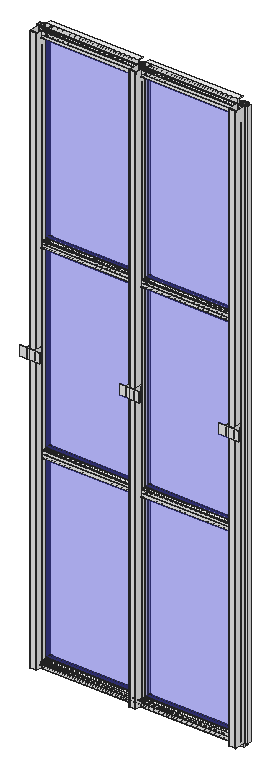
Revit family "Facade_60_Curtain_Wall_I23_Standard", category Windows, host Wall, Revit 2014 (continued)
Definition of nested family "F60_Single_Glazing_I23_Std"
  Dimensions and locks
    "Glazing Width": plane 3 "Center (Left/Right)" to Extrusion 1 sketch curve
    "Glazing Height": Extrusion 1 sketch curve to level
    aligned and locked: level to plane 2
    aligned and locked: Extrusion 1 sketch curve to plane 3 "Center (Left/Right)"
    aligned and locked: level to Extrusion 1 sketch curve
Definition of nested family "F60_Double_Glazing_I23_Std"
  Parameters (values of type "F60_Double_Glazing")
    Glazing Width [instance] = 600 mm
    Glazing Height [instance] = 600 mm
    Glazing Thickness DG [instance] = 4 mm
    Glazing Material [instance] = Glass
    Double Glazing Gasket Thickness [instance] = 12 mm
    Double Glazing Gasket Material [instance] = none
  Reference planes
    plane 1 "Center (Front/Back)": y = 0
    plane 2: z = 0
    plane 3 "Center (Left/Right)": x = 0
  Forms (mm)
    Extrusion 1, solid, material "Glass" <- "Glazing Material"
      sketch origin (0, 0, 0) x (1, 0, 0) y (0, 0, 1)
        loop
          line (0, 0) -> (0, 600) -> (-600, 600) -> (-600, 0) -> (0, 0)
      from 0 to 4 <- "Glazing Thickness DG"
    Extrusion 2, solid, material <- "Double Glazing Gasket Material"
      sketch origin (0, -4, 0) x (1, 0, 0) y (0, 0, 1)
        loop
          line (-600, 600) -> (-600, 0) -> (0, 0) -> (0, 600) -> (-600, 600)
        loop
          line (-592, 8) -> (-8, 8) -> (-8, 592) -> (-592, 592) -> (-592, 8)
      from 0 to 12 <- "Double Glazing Gasket Thickness"
    Extrusion 3, solid, material "Glass" <- "Glazing Material"
      sketch origin (0, -16, 0) x (1, 0, 0) y (0, 0, 1)
        loop
          line (-600, 600) -> (-600, 0) -> (0, 0) -> (0, 600) -> (-600, 600)
      from 0 to 4 <- "Glazing Thickness DG"
  Dimensions and locks
    "Glazing Width": plane 3 "Center (Left/Right)" to Extrusion 1 sketch curve
    "Glazing Height": Extrusion 1 sketch curve to level
    aligned and locked: level to plane 2
    aligned and locked: Extrusion 1 sketch curve to plane 3 "Center (Left/Right)"
    aligned and locked: level to Extrusion 1 sketch curve
    aligned and locked: Extrusion 2 sketch curve to Extrusion 1  (x4)
    aligned and locked: Extrusion 3 sketch curve to Extrusion 2  (x4)
  Automatic sketch dimensions
    Extrusion 2 sketch curve to Extrusion 1 = 8 mm  (x4)
Definition of nested family "F60 Vertical Profile Middle_I23_Std"
  Parameters (values of type "F60 Vertical Profile Middle")
    Quarter SG Expansion Break [instance] = if(and(Quarter Expansion Break, Single Glazing), 1 = 1, 1 = 0)  # yes
    Quarter Length [instance] = Length / 4  # 62.5 mm
    Thermal Break Material [instance] = none
    Single Glazing [instance] = yes
    Quarter Expansion Break [instance] = yes
    Quarter DG Expansion Break [instance] = if(and(Quarter Expansion Break, Double Glazing), 1 = 1, 1 = 0)  # yes
    Quarter 190mm Expansion Break [instance] = if(and(Quarter Expansion Break, [190mm Mullion]), 1 = 1, 1 = 0)  # yes
    Quarter 160mm Expansion Break [instance] = if(and(Quarter Expansion Break, [160mm Mullion]), 1 = 1, 1 = 0)  # yes
    Quarter 100mm Expansion Break [instance] = if(and(Quarter Expansion Break, [100mm Mullion]), 1 = 1, 1 = 0)  # yes
    Profile Material [instance] = none
    Length [instance] = 250 mm
    Half SG Expansion Break [instance] = if(and(Half Expansion Break, Single Glazing), 1 = 1, 1 = 0)  # yes
    Half Length [instance] = Length / 2  # 125 mm
    Half Expansion Break [instance] = yes
    Half DG Expansion Break [instance] = if(and(Half Expansion Break, Double Glazing), 1 = 1, 1 = 0)  # yes
    Half 190mm Expansion Joint [instance] = if(and(Half Expansion Break, [190mm Mullion]), 1 = 1, 1 = 0)  # yes
    Half 160mm Expansion Break [instance] = if(and(Half Expansion Break, [160mm Mullion]), 1 = 1, 1 = 0)  # yes
    Half 100mm Expansion Break [instance] = if(and(Half Expansion Break, [100mm Mullion]), 1 = 1, 1 = 0)  # yes
    Double Glazing [instance] = yes
    190mm Mullion [instance] = yes
    160mm Mullion [instance] = yes
    100mm Mullion [instance] = yes
  Reference planes
    plane 1 "Center (Front/Back)": y = 0
    plane 2: z = 0
    plane 3 "Center (Left/Right)": x = 0
  Forms (mm)
    Extrusion 1, solid, material <- "Profile Material"
      sketch origin (0, 0, 0) x (1, 0, 0) y (0, 1, 0)
        loop
          arc (25.249, -8.7) -> (25.484, -9.266) -> (26.049, -9.5) r 0.8
          line (26.049, -9.5) -> (27.1, -9.5) -> (27.1, 7) -> (32.902, 7) -> (32.902, -9.5) -> (33.951, -9.5)
          arc (33.951, -9.5) -> (34.516, -9.266) -> (34.751, -8.7) r 0.8
          line (34.751, -8.7) -> (34.751, 6.2)
          arc (34.751, 6.2) -> (34.985, 6.766) -> (35.551, 7) r 0.8
          line (35.551, 7) -> (52.1, 7) -> (52.1, 5.4) -> (50.55, 5.4) -> (50.55, 4.55)
          arc (50.55, 4.55) -> (50.726, 4.126) -> (51.15, 3.95) r 0.6
          line (51.15, 3.95) -> (52.1, 3.95) -> (52.1, 1)
          arc (52.1, 1) -> (51.6, 0.5) -> (52.1, 0) r 0.5
          line (52.1, 0) -> (54.45, 0) -> (54.45, 1.15) -> (53.3, 1.15) -> (53.3, 2.45) -> (58.8, 2.45) -> (58.8, 1.15) -> (57.65, 1.15) -> (57.65, 0) -> (59.5, 0)
          arc (59.5, 0) -> (59.854, 0.146) -> (60, 0.5) r 0.5
          line (60, 0.5) -> (60, 3.9) -> (53.55, 3.9) -> (53.55, 7.6)
          arc (53.55, 7.6) -> (53.316, 8.166) -> (52.75, 8.4) r 0.8
          line (52.75, 8.4) -> (30, 8.4) -> (7.25, 8.4)
          arc (7.25, 8.4) -> (6.684, 8.166) -> (6.45, 7.6) r 0.8
          line (6.45, 7.6) -> (6.45, 3.9) -> (0, 3.9) -> (0, 0.5)
          arc (0, 0.5) -> (0.146, 0.146) -> (0.5, 0) r 0.5
          line (0.5, 0) -> (2.35, 0) -> (2.35, 1.15) -> (1.2, 1.15) -> (1.2, 2.45) -> (6.7, 2.45) -> (6.7, 1.15) -> (5.55, 1.15) -> (5.55, 0) -> (7.9, 0)
          arc (7.9, 0) -> (8.4, 0.5) -> (7.9, 1) r 0.5
          line (7.9, 1) -> (7.9, 3.95) -> (8.85, 3.95)
          arc (8.85, 3.95) -> (9.274, 4.126) -> (9.45, 4.55) r 0.6
          line (9.45, 4.55) -> (9.45, 5.4) -> (7.9, 5.4) -> (7.9, 7) -> (24.449, 7)
          arc (24.449, 7) -> (25.015, 6.766) -> (25.249, 6.2) r 0.8
          line (25.249, 6.2) -> (25.249, -8.7)
      from 0 to 250 <- "Length"
    Extrusion 2, solid, material <- "Thermal Break Material"
      sketch origin (0, 0, 0) x (1, 0, 0) y (0, 1, 0)
        loop
          line (1.75, 9.8) -> (1.75, 5.2) -> (0, 5.2) -> (0, 3.9) -> (6.35, 3.9) -> (6.35, 7.856)
          arc (6.35, 7.856) -> (6.526, 8.281) -> (6.95, 8.456) r 0.6
          line (6.95, 8.456) -> (30, 8.456) -> (53.05, 8.456)
          arc (53.05, 8.456) -> (53.474, 8.281) -> (53.65, 7.856) r 0.6
          line (53.65, 7.856) -> (53.65, 3.9) -> (60, 3.9) -> (60, 5.2) -> (58.25, 5.2) -> (58.25, 9.8) -> (30, 9.8) -> (1.75, 9.8)
      from 0 to 250 <- "Length"
    Extrusion 3, solid, material <- "Thermal Break Material", visible <- "Single Glazing"
      sketch origin (0, 0, 0) x (1, 0, 0) y (0, 1, 0)
        loop
          line (25.749, -14.011) -> (27.672, -14.011) -> (28.481, -12.611) -> (31.518, -12.611) -> (32.327, -14.011) -> (34.249, -14.011)
          arc (34.249, -14.011) -> (34.603, -13.864) -> (34.749, -13.511) r 0.5
          line (34.749, -13.511) -> (34.749, -10.011)
          arc (34.749, -10.011) -> (34.603, -9.657) -> (34.249, -9.511) r 0.5
          line (34.249, -9.511) -> (32.352, -9.511) -> (32.352, 0.19) -> (31.349, 2.261)
          arc (31.349, 2.261) -> (29.999, 2.986) -> (28.649, 2.261) r 1.62
          line (28.649, 2.261) -> (27.647, 0.19) -> (27.647, -9.511) -> (25.749, -9.511)
          arc (25.749, -9.511) -> (25.396, -9.657) -> (25.249, -10.011) r 0.5
          line (25.249, -10.011) -> (25.249, -13.511)
          arc (25.249, -13.511) -> (25.396, -13.864) -> (25.749, -14.011) r 0.5
        loop
          line (28.504, -10.005) -> (28.504, -10.861)
          arc (28.504, -10.861) -> (28.651, -11.214) -> (29.004, -11.361) r 0.5
          line (29.004, -11.361) -> (30.994, -11.361)
          arc (30.994, -11.361) -> (31.348, -11.214) -> (31.494, -10.861) r 0.5
          line (31.494, -10.861) -> (31.494, -10.005) -> (30.708, -9.219)
          arc (30.708, -9.219) -> (30.383, -9.001) -> (29.999, -8.924) r 1.007
          arc (29.999, -8.924) -> (29.616, -8.999) -> (29.292, -9.217) r 0.986
          line (29.292, -9.217) -> (28.504, -10.005)
        loop
          arc (30.896, 1.935) -> (29.887, 2.44) -> (29.005, 1.735) r 1.047
          line (29.005, 1.735) -> (28.347, 0.374) -> (28.347, -6.993)
          arc (28.347, -6.993) -> (28.583, -7.417) -> (29.068, -7.441) r 0.5
          arc (29.068, -7.441) -> (29.999, -7.223) -> (30.93, -7.441) r 2.099
          arc (30.93, -7.441) -> (31.416, -7.417) -> (31.652, -6.993) r 0.5
          line (31.652, -6.993) -> (31.652, 0.374) -> (30.896, 1.935)
      from 0 to 250 <- "Length"
    Extrusion 4, solid, material <- "Profile Material", visible <- "Single Glazing"
      sketch origin (0, 0, 0) x (1, 0, 0) y (0, 1, 0)
        loop
          line (52.693, -14.011) -> (32.327, -14.011) -> (31.519, -12.611) -> (28.481, -12.611) -> (27.673, -14.011) -> (7.307, -14.011) -> (7.307, -15.011) -> (8.457, -15.011) -> (8.457, -16.261) -> (2.957, -16.261) -> (2.957, -15.011) -> (4.107, -15.011) -> (4.107, -14.011) -> (1.707, -14.011)
          arc (1.707, -14.011) -> (1.199, -14.293) -> (1.168, -14.873) r 0.6
          line (1.168, -14.873) -> (2.093, -16.772) -> (1.015, -17.298) -> (1.484, -18.261) -> (11.488, -18.261)
          arc (11.488, -18.261) -> (11.913, -18.085) -> (12.088, -17.661) r 0.6
          line (12.088, -17.661) -> (12.088, -16.811) -> (47.912, -16.811) -> (47.912, -17.661)
          arc (47.912, -17.661) -> (48.088, -18.085) -> (48.512, -18.261) r 0.6
          line (48.512, -18.261) -> (58.518, -18.261) -> (58.987, -17.298) -> (57.908, -16.772) -> (58.834, -14.874)
          arc (58.834, -14.874) -> (58.802, -14.293) -> (58.293, -14.011) r 0.6
          line (58.293, -14.011) -> (55.893, -14.011) -> (55.893, -15.011) -> (57.043, -15.011) -> (57.043, -16.261) -> (51.543, -16.261) -> (51.543, -15.011) -> (52.693, -15.011) -> (52.693, -14.011)
      from 0 to 250 <- "Length"
    Extrusion 5, solid, material <- "Profile Material", visible <- "Single Glazing"
      sketch origin (0, 0, 0) x (1, 0, 0) y (0, 1, 0)
        loop
          line (2.801, -18.261) -> (1.484, -18.261) -> (1.015, -17.298) -> (2.093, -16.772) -> (0.779, -14.076)
          arc (0.779, -14.076) -> (0.239, -14.21) -> (0.001, -14.713) r 0.65
          line (0.001, -14.713) -> (0.001, -28.068)
          arc (0.001, -28.068) -> (1.172, -30.897) -> (4.001, -32.068) r 4
          line (4.001, -32.068) -> (30.001, -32.068) -> (56.001, -32.068)
          arc (56.001, -32.068) -> (58.829, -30.897) -> (60.001, -28.068) r 4
          line (60.001, -28.068) -> (60.001, -14.713)
          arc (60.001, -14.713) -> (59.763, -14.21) -> (59.223, -14.076) r 0.65
          line (59.223, -14.076) -> (57.908, -16.772) -> (58.987, -17.298) -> (58.518, -18.261) -> (57.201, -18.261)
          arc (57.201, -18.261) -> (56.83, -18.425) -> (56.703, -18.811) r 0.5
          arc (56.703, -18.811) -> (56.83, -19.196) -> (57.201, -19.361) r 0.5
          line (57.201, -19.361) -> (58.951, -19.361) -> (58.951, -27.968)
          arc (58.951, -27.968) -> (58.131, -29.948) -> (56.151, -30.768) r 2.8
          line (56.151, -30.768) -> (30.001, -30.768) -> (3.851, -30.768)
          arc (3.851, -30.768) -> (1.871, -29.948) -> (1.051, -27.968) r 2.8
          line (1.051, -27.968) -> (1.051, -19.361) -> (2.801, -19.361)
          arc (2.801, -19.361) -> (3.172, -19.196) -> (3.298, -18.811) r 0.5
          arc (3.298, -18.811) -> (3.172, -18.425) -> (2.801, -18.261) r 0.5
      from 0 to 250 <- "Length"
    Extrusion 6, solid, material <- "Profile Material", visible <- "100mm Mullion"
      sketch origin (0, 0, 0) x (1, 0, 0) y (0, 1, 0)
        loop
          line (14.02, 13) -> (45.98, 13)
          arc (45.98, 13) -> (46.539, 12.842) -> (46.917, 12.4) r 1
          arc (46.917, 12.4) -> (47.285, 11.963) -> (47.833, 11.8) r 1
          line (47.833, 11.8) -> (58.15, 11.8) -> (58.15, 96.3) -> (47.833, 96.3)
          arc (47.833, 96.3) -> (47.285, 96.137) -> (46.917, 95.7) r 1
          arc (46.917, 95.7) -> (46.548, 95.263) -> (46, 95.1) r 1
          line (46, 95.1) -> (14, 95.1)
          arc (14, 95.1) -> (13.452, 95.263) -> (13.083, 95.7) r 1
          arc (13.083, 95.7) -> (12.715, 96.137) -> (12.167, 96.3) r 1
          line (12.167, 96.3) -> (1.85, 96.3) -> (1.85, 11.8) -> (12.167, 11.8)
          arc (12.167, 11.8) -> (12.715, 11.963) -> (13.083, 12.4) r 1
          arc (13.083, 12.4) -> (13.461, 12.842) -> (14.02, 13) r 1
        loop
          line (1.65, 9.856) -> (58.35, 9.856) -> (58.35, 5.2) -> (60, 5.2) -> (60, 98.8)
          arc (60, 98.8) -> (59.707, 99.507) -> (59, 99.8) r 1
          line (59, 99.8) -> (1, 99.8)
          arc (1, 99.8) -> (0.293, 99.507) -> (0, 98.8) r 1
          line (0, 98.8) -> (0, 5.2) -> (1.65, 5.2) -> (1.65, 9.856)
      from 0 to 250 <- "Length"
    Extrusion 7, solid, material <- "Profile Material", visible <- "160mm Mullion"
      sketch origin (0, 0, 0) x (1, 0, 0) y (0, 1, 0)
        loop
          arc (2.35, 15.6) -> (2.526, 15.176) -> (2.95, 15) r 0.6
          line (2.95, 15) -> (57.05, 15)
          arc (57.05, 15) -> (57.474, 15.176) -> (57.65, 15.6) r 0.6
          line (57.65, 15.6) -> (57.65, 153.7)
          arc (57.65, 153.7) -> (57.474, 154.124) -> (57.05, 154.3) r 0.6
          line (57.05, 154.3) -> (47.833, 154.3)
          arc (47.833, 154.3) -> (47.285, 154.137) -> (46.917, 153.7) r 1
          arc (46.917, 153.7) -> (46.548, 153.263) -> (46, 153.1) r 1
          line (46, 153.1) -> (14, 153.1)
          arc (14, 153.1) -> (13.452, 153.263) -> (13.083, 153.7) r 1
          arc (13.083, 153.7) -> (12.715, 154.137) -> (12.167, 154.3) r 1
          line (12.167, 154.3) -> (2.95, 154.3)
          arc (2.95, 154.3) -> (2.526, 154.124) -> (2.35, 153.7) r 0.6
          line (2.35, 153.7) -> (2.35, 15.6)
        loop
          arc (1, 159.8) -> (0.293, 159.507) -> (0, 158.8) r 1
          line (0, 158.8) -> (0, 5.2) -> (1.65, 5.2) -> (1.65, 10.013) -> (58.35, 10.013) -> (58.35, 5.2) -> (60, 5.2) -> (60, 158.8)
          arc (60, 158.8) -> (59.707, 159.507) -> (59, 159.8) r 1
          line (59, 159.8) -> (1, 159.8)
      from 0 to 250 <- "Length"
    Extrusion 8, solid, material <- "Profile Material", visible <- "190mm Mullion"
      sketch origin (0, 0, 0) x (1, 0, 0) y (0, 1, 0)
        loop
          line (57.25, 15.1) -> (57.25, 178.3)
          arc (57.25, 178.3) -> (56.957, 179.007) -> (56.25, 179.3) r 1
          line (56.25, 179.3) -> (3.75, 179.3)
          arc (3.75, 179.3) -> (3.043, 179.007) -> (2.75, 178.3) r 1
          line (2.75, 178.3) -> (2.75, 15.1)
          arc (2.75, 15.1) -> (2.984, 14.534) -> (3.55, 14.3) r 0.8
          line (3.55, 14.3) -> (56.45, 14.3)
          arc (56.45, 14.3) -> (57.016, 14.534) -> (57.25, 15.1) r 0.8
        loop
          line (60, 5.2) -> (60, 188.8)
          arc (60, 188.8) -> (59.707, 189.507) -> (59, 189.8) r 1
          line (59, 189.8) -> (1, 189.8)
          arc (1, 189.8) -> (0.293, 189.507) -> (0, 188.8) r 1
          line (0, 188.8) -> (0, 5.2) -> (1.65, 5.2) -> (1.65, 9.856) -> (58.35, 9.856) -> (58.35, 5.2) -> (60, 5.2)
      from 0 to 250 <- "Length"
    Extrusion 9, solid, material <- "Thermal Break Material", visible <- "Double Glazing"
      sketch origin (0, 0, 0) x (1, 0, 0) y (0, 1, 0)
        loop
          line (27.672, -28) -> (28.48, -26.6) -> (31.518, -26.6) -> (32.326, -28) -> (34.249, -28)
          arc (34.249, -28) -> (34.603, -27.854) -> (34.749, -27.5) r 0.5
          line (34.749, -27.5) -> (34.749, -10)
          arc (34.749, -10) -> (34.603, -9.646) -> (34.249, -9.5) r 0.5
          line (34.249, -9.5) -> (32.352, -9.5) -> (32.352, 0.198) -> (31.348, 2.272)
          arc (31.348, 2.272) -> (29.998, 2.997) -> (28.648, 2.272) r 1.62
          line (28.648, 2.272) -> (27.645, 0.201) -> (27.645, -9.5) -> (25.749, -9.5)
          arc (25.749, -9.5) -> (25.396, -9.646) -> (25.249, -10) r 0.5
          line (25.249, -10) -> (25.249, -27.5)
          arc (25.249, -27.5) -> (25.396, -27.854) -> (25.749, -28) r 0.5
          line (25.749, -28) -> (27.672, -28)
        loop
          arc (30.706, -9.206) -> (30.382, -8.99) -> (29.999, -8.913) r 1.007
          arc (29.999, -8.913) -> (29.616, -8.988) -> (29.292, -9.206) r 0.986
          line (29.292, -9.206) -> (27.142, -11.356)
          arc (27.142, -11.356) -> (26.926, -11.68) -> (26.849, -12.063) r 1
          line (26.849, -12.063) -> (26.849, -24)
          arc (26.849, -24) -> (27.142, -24.707) -> (27.849, -25) r 1
          line (27.849, -25) -> (32.149, -25)
          arc (32.149, -25) -> (32.856, -24.707) -> (33.149, -24) r 1
          line (33.149, -24) -> (33.149, -12.063)
          arc (33.149, -12.063) -> (33.073, -11.68) -> (32.856, -11.356) r 1
          line (32.856, -11.356) -> (30.706, -9.206)
        loop
          arc (28.345, -6.982) -> (28.581, -7.407) -> (29.067, -7.43) r 0.5
          arc (29.067, -7.43) -> (29.998, -7.213) -> (30.929, -7.43) r 2.099
          arc (30.929, -7.43) -> (31.414, -7.407) -> (31.651, -6.982) r 0.5
          line (31.651, -6.982) -> (31.651, 0.385) -> (30.895, 1.946)
          arc (30.895, 1.946) -> (29.885, 2.45) -> (29.004, 1.745) r 1.047
          line (29.004, 1.745) -> (28.345, 0.385) -> (28.345, -6.982)
      from 0 to 250 <- "Length"
    Extrusion 10, solid, material <- "Profile Material", visible <- "Double Glazing"
      sketch origin (0, 0, 0) x (1, 0, 0) y (0, 1, 0)
        loop
          line (52.692, -28) -> (32.327, -28) -> (31.518, -26.6) -> (28.48, -26.6) -> (27.672, -28) -> (7.306, -28) -> (7.306, -29) -> (8.456, -29) -> (8.456, -30.25) -> (2.956, -30.25) -> (2.956, -29) -> (4.106, -29) -> (4.106, -28) -> (1.706, -28)
          arc (1.706, -28) -> (1.198, -28.282) -> (1.167, -28.863) r 0.6
          line (1.167, -28.863) -> (2.093, -30.762) -> (1.014, -31.288) -> (1.483, -32.25) -> (11.488, -32.25)
          arc (11.488, -32.25) -> (11.912, -32.074) -> (12.088, -31.65) r 0.6
          line (12.088, -31.65) -> (12.088, -30.8) -> (47.911, -30.8) -> (47.911, -31.65)
          arc (47.911, -31.65) -> (48.087, -32.074) -> (48.511, -32.25) r 0.6
          line (48.511, -32.25) -> (58.517, -32.25) -> (58.986, -31.288) -> (57.907, -30.762) -> (58.833, -28.864)
          arc (58.833, -28.864) -> (58.801, -28.282) -> (58.292, -28) r 0.6
          line (58.292, -28) -> (55.892, -28) -> (55.892, -29) -> (57.042, -29) -> (57.042, -30.25) -> (51.542, -30.25) -> (51.542, -29) -> (52.692, -29) -> (52.692, -28)
      from 0 to 250 <- "Length"
    Extrusion 11, solid, material <- "Profile Material", visible <- "Double Glazing"
      sketch origin (0, 0, 0) x (1, 0, 0) y (0, 1, 0)
        loop
          line (2.8, -32.25) -> (1.483, -32.25) -> (1.014, -31.288) -> (2.093, -30.762) -> (0.778, -28.065)
          arc (0.778, -28.065) -> (0.238, -28.2) -> (0, -28.702) r 0.65
          line (0, -28.702) -> (0, -42.058)
          arc (0, -42.058) -> (1.172, -44.886) -> (4, -46.058) r 4
          line (4, -46.058) -> (30, -46.058) -> (56, -46.058)
          arc (56, -46.058) -> (58.828, -44.886) -> (60, -42.058) r 4
          line (60, -42.058) -> (60, -28.702)
          arc (60, -28.702) -> (59.762, -28.2) -> (59.222, -28.065) r 0.65
          line (59.222, -28.065) -> (57.907, -30.762) -> (58.986, -31.288) -> (58.517, -32.25) -> (57.2, -32.25)
          arc (57.2, -32.25) -> (56.829, -32.415) -> (56.703, -32.8) r 0.5
          arc (56.703, -32.8) -> (56.829, -33.185) -> (57.2, -33.35) r 0.5
          line (57.2, -33.35) -> (58.95, -33.35) -> (58.95, -41.958)
          arc (58.95, -41.958) -> (58.13, -43.938) -> (56.15, -44.758) r 2.8
          line (56.15, -44.758) -> (30, -44.758) -> (3.85, -44.758)
          arc (3.85, -44.758) -> (1.87, -43.938) -> (1.05, -41.958) r 2.8
          line (1.05, -41.958) -> (1.05, -33.35) -> (2.8, -33.35)
          arc (2.8, -33.35) -> (3.171, -33.185) -> (3.297, -32.8) r 0.5
          arc (3.297, -32.8) -> (3.171, -32.415) -> (2.8, -32.25) r 0.5
      from 0 to 250 <- "Length"
    Extrusion 12, solid, material <- "Profile Material", visible <- "Double Glazing"
      sketch origin (0, 0, 0) x (1, 0, 0) y (0, 1, 0)
        loop
          line (12, -7.775) -> (0, -7.775) -> (0, -25.775) -> (12, -25.775) -> (12, -7.775)
        loop
          line (10.8, -8.975) -> (1.2, -8.975) -> (1.2, -24.575) -> (10.8, -24.575) -> (10.8, -8.975)
      from 0 to 250 <- "Length"
  Lines and regions (mm)
    model lines, style "GenericModelHiddenLines", visible <- "Half 100mm Expansion Break"
      curve 1: line (60, 5.2, 125) -> (60, 95.2, 125)
      curve 2: line (60, 99.8, 125) -> (0, 99.8, 125)
      curve 8: line (0, 5.2, 125) -> (0, 95.2, 125)
    model lines, style "GenericModelHiddenLines", visible <- "Quarter 100mm Expansion Break"
      curve 3: line (60, 5.2, 187.5) -> (60, 95.2, 187.5)
      curve 4: line (60, 5.2, 62.5) -> (60, 95.2, 62.5)
      curve 5: line (60, 99.8, 62.5) -> (0, 99.8, 62.5)
      curve 6: line (60, 99.8, 187.5) -> (0, 99.8, 187.5)
      curve 7: line (0, 5.2, 187.5) -> (0, 95.2, 187.5)
      curve 9: line (0, 5.2, 62.5) -> (0, 95.2, 62.5)
    model lines, style "GenericModelHiddenLines", visible <- "Half SG Expansion Break"
      curve 10: line (4.107, -32.068, 125) -> (55.893, -32.068, 125)
      curve 14: line (60.001, -14.011, 125) -> (60.001, -32.068, 125)
    model lines, style "GenericModelHiddenLines", visible <- "Quarter SG Expansion Break"
      curve 11: line (4.107, -32.068, 187.5) -> (56.703, -32.068, 187.5)
      curve 12: line (4.107, -32.068, 62.5) -> (56.703, -32.068, 62.5)
      curve 13: line (60.001, -14.011, 187.5) -> (60.001, -32.068, 187.5)
      curve 15: line (60.001, -14.011, 62.5) -> (60.001, -32.068, 62.5)
    model lines, style "GenericModelHiddenLines", visible <- "Quarter 160mm Expansion Break"
      curve 16: line (0, 5.2, 187.5) -> (0, 155.2, 187.5)
      curve 18: line (0, 5.2, 62.5) -> (0, 155.2, 62.5)
      curve 19: line (0, 159.8, 187.5) -> (60, 159.8, 187.5)
      curve 21: line (0, 159.8, 62.5) -> (60, 159.8, 62.5)
      curve 22: line (60, 5.2, 187.5) -> (60, 155.2, 187.5)
      curve 24: line (60, 5.2, 62.5) -> (60, 155.2, 62.5)
    model lines, style "GenericModelHiddenLines", visible <- "Half 160mm Expansion Break"
      curve 17: line (0, 5.2, 125) -> (0, 155.2, 125)
      curve 20: line (0, 159.8, 125) -> (60, 159.8, 125)
      curve 23: line (60, 5.2, 125) -> (60, 155.2, 125)
    model lines, style "GenericModelHiddenLines", visible <- "Quarter 190mm Expansion Break"
      curve 25: line (0, 5.2, 187.5) -> (0, 185.2, 187.5)
      curve 27: line (0, 5.2, 62.5) -> (0, 185.2, 62.5)
      curve 28: line (0.779, 189.8, 187.5) -> (59.222, 189.8, 187.5)
      curve 30: line (0.779, 189.8, 62.5) -> (59.222, 189.8, 62.5)
      curve 31: line (60, 5.2, 187.5) -> (60, 185.2, 187.5)
      curve 33: line (60, 5.2, 62.5) -> (60, 185.2, 62.5)
    model lines, style "GenericModelHiddenLines", visible <- "Half 190mm Expansion Joint"
      curve 26: line (0, 5.2, 125) -> (0, 185.2, 125)
      curve 29: line (0.779, 189.8, 125) -> (59.222, 189.8, 125)
      curve 32: line (60, 5.2, 125) -> (60, 185.2, 125)
    model lines, style "GenericModelHiddenLines", visible <- "Quarter DG Expansion Break"
      curve 34: line (60, -28.065, 187.5) -> (60, -46.074, 187.5)
      curve 36: line (60, -28.065, 62.5) -> (60, -46.027, 62.5)
      curve 37: line (59.222, -46.058, 187.5) -> (0.779, -46.058, 187.5)
      curve 39: line (59.222, -46.058, 62.5) -> (0.779, -46.058, 62.5)
    model lines, style "GenericModelHiddenLines", visible <- "Half DG Expansion Break"
      curve 35: line (60, -28.065, 125) -> (60, -46.074, 125)
      curve 38: line (59.222, -46.058, 125) -> (0.779, -46.058, 125)
  Dimensions and locks
    "Half Length": curve 1 to level
    "Half Length": level to curve 2
    "Quarter Length": curve 4 to level
    "Quarter Length": Extrusion 8 to curve 3
    "Quarter Length": level to curve 5
    "Quarter Length": curve 6 to Extrusion 6
    "Quarter Length": curve 9 to level
    "Half Length": curve 8 to level
    "Quarter Length": Extrusion 8 to curve 7
    "Quarter Length": curve 12 to level
    "Half Length": curve 10 to level
    "Quarter Length": Extrusion 5 to curve 11
    "Quarter Length": curve 15 to level
    "Half Length": curve 14 to level
    "Quarter Length": Extrusion 5 to curve 13
    "Quarter Length": Extrusion 7 to curve 18
    "Half Length": Extrusion 7 to curve 17
    "Quarter Length": Extrusion 7 to curve 16
    "Quarter Length": Extrusion 7 to curve 21
    "Quarter Length": curve 19 to Extrusion 7
    "Half Length": Extrusion 7 to curve 20
    "Quarter Length": Extrusion 7 to curve 24
    "Quarter Length": Extrusion 7 to curve 22
    "Half Length": Extrusion 7 to curve 23
    "Quarter Length": Extrusion 8 to curve 27
    "Quarter Length": Extrusion 8 to curve 25
    "Half Length": Extrusion 8 to curve 26
    "Quarter Length": Extrusion 8 to curve 30
    "Quarter Length": curve 28 to Extrusion 8
    "Half Length": Extrusion 8 to curve 29
    "Quarter Length": Extrusion 8 to curve 33
    "Quarter Length": Extrusion 8 to curve 31
    "Half Length": Extrusion 8 to curve 32
    "Quarter Length": Extrusion 11 to curve 36
    "Quarter Length": Extrusion 11 to curve 34
    "Half Length": Extrusion 11 to curve 35
    "Quarter Length": Extrusion 11 to curve 37
    "Quarter Length": curve 39 to Extrusion 11
    "Half Length": curve 38 to Extrusion 11
    aligned and locked: level to plane 2
  Automatic sketch dimensions
    Extrusion 1 sketch curve to plane 3 "Center (Left/Right)" = 0 mm
    plane 1 "Center (Front/Back)" to Extrusion 1 sketch curve = 0 mm  (x4)
    plane 3 "Center (Left/Right)" to Extrusion 1 sketch curve = 0.5 mm
    Extrusion 1 sketch curve to Extrusion 1 sketch curve = 0.7 mm  (x2)
    Extrusion 1 sketch curve to Extrusion 1 sketch curve = 1.15 mm  (x4)
    Extrusion 1 sketch curve to Extrusion 1 sketch curve = 3.2 mm  (x2)
    Extrusion 1 sketch curve to Extrusion 1 sketch curve = 0.9 mm
    Extrusion 1 sketch curve to Extrusion 1 sketch curve = 0.25 mm
    Extrusion 1 sketch curve to Extrusion 1 sketch curve = 0.8 mm  (x7)
    Extrusion 1 sketch curve to Extrusion 1 sketch curve = 1.45 mm  (x2)
    Extrusion 1 sketch curve to Extrusion 1 sketch curve = 0.65 mm  (x3)
    Extrusion 1 sketch curve to Extrusion 1 sketch curve = 0.95 mm  (x3)
    Extrusion 1 sketch curve to Extrusion 1 sketch curve = 0.6 mm  (x3)
    Extrusion 1 sketch curve to plane 1 "Center (Front/Back)" = 7 mm
    Extrusion 1 sketch curve to Extrusion 1 sketch curve = 14.999 mm  (x2)
    plane 1 "Center (Front/Back)" to Extrusion 1 sketch curve = 8.7 mm
    Extrusion 1 sketch curve to Extrusion 1 sketch curve = 1.85 mm
    Extrusion 1 sketch curve to Extrusion 1 sketch curve = 2.9 mm
    Extrusion 1 sketch curve to Extrusion 1 sketch curve = 5.802 mm
    Extrusion 1 sketch curve to Extrusion 1 sketch curve = 1.049 mm
    Extrusion 1 sketch curve to plane 1 "Center (Front/Back)" = 4.55 mm
    Extrusion 1 sketch curve to plane 1 "Center (Front/Back)" = 0.5 mm  (x3)
    Extrusion 1 sketch curve to Extrusion 1 sketch curve = 1.2 mm
    Extrusion 1 sketch curve to plane 1 "Center (Front/Back)" = 1.15 mm  (x2)
    Extrusion 1 sketch curve to Extrusion 1 sketch curve = 0 mm
    Extrusion 1 sketch curve to Extrusion 1 sketch curve = 1.3 mm  (x2)
    Extrusion 1 sketch curve to Extrusion 1 sketch curve = 0.05 mm  (x2)
    Extrusion 1 sketch curve to Extrusion 1 sketch curve = 0.85 mm  (x2)
    Extrusion 1 sketch curve to plane 1 "Center (Front/Back)" = 6.2 mm
    Extrusion 2 sketch curve to plane 3 "Center (Left/Right)" = 0 mm
    plane 3 "Center (Left/Right)" to Extrusion 2 sketch curve = 1.75 mm
    Extrusion 2 sketch curve to Extrusion 2 sketch curve = 4.6 mm  (x4)
    Extrusion 2 sketch curve to Extrusion 2 sketch curve = 0.6 mm  (x2)
    Extrusion 2 sketch curve to plane 1 "Center (Front/Back)" = 9.8 mm
    Extrusion 2 sketch curve to Extrusion 2 sketch curve = 23.05 mm  (x2)
    Extrusion 2 sketch curve to Extrusion 2 sketch curve = 0 mm
    Extrusion 2 sketch curve to plane 1 "Center (Front/Back)" = 8.456 mm
    Extrusion 2 sketch curve to Extrusion 2 sketch curve = 1.75 mm
    Extrusion 2 sketch curve to plane 1 "Center (Front/Back)" = 3.9 mm  (x2)
    plane 3 "Center (Left/Right)" to Extrusion 3 sketch curve = 25.249 mm
    Extrusion 3 sketch curve to Extrusion 3 sketch curve = 0.5 mm  (x6)
    Extrusion 3 sketch curve to plane 1 "Center (Front/Back)" = 0.19 mm  (x2)
    Extrusion 3 sketch curve to Extrusion 3 sketch curve = 1.897 mm  (x2)
    Extrusion 3 sketch curve to Extrusion 3 sketch curve = 1.922 mm  (x2)
    Extrusion 3 sketch curve to plane 1 "Center (Front/Back)" = 0.374 mm  (x2)
    Extrusion 3 sketch curve to Extrusion 3 sketch curve = 0.7 mm  (x2)
    plane 1 "Center (Front/Back)" to Extrusion 3 sketch curve = 12.611 mm
    Extrusion 3 sketch curve to Extrusion 3 sketch curve = 0.809 mm
    Extrusion 3 sketch curve to Extrusion 3 sketch curve = 0.858 mm
    Extrusion 3 sketch curve to plane 1 "Center (Front/Back)" = 2.261 mm  (x2)
    Extrusion 3 sketch curve to Extrusion 3 sketch curve = 0.303 mm
    Extrusion 3 sketch curve to plane 1 "Center (Front/Back)" = 1.735 mm
    Extrusion 3 sketch curve to Extrusion 3 sketch curve = 0.356 mm
    plane 1 "Center (Front/Back)" to Extrusion 3 sketch curve = 9.217 mm
    Extrusion 3 sketch curve to Extrusion 3 sketch curve = 0.788 mm
    Extrusion 3 sketch curve to Extrusion 3 sketch curve = 0.701 mm
    Extrusion 3 sketch curve to Extrusion 3 sketch curve = 0.003 mm
    Extrusion 3 sketch curve to Extrusion 3 sketch curve = 0.992 mm
    Extrusion 3 sketch curve to Extrusion 3 sketch curve = 0.006 mm
    Extrusion 3 sketch curve to Extrusion 3 sketch curve = 0.002 mm
    plane 1 "Center (Front/Back)" to Extrusion 3 sketch curve = 9.219 mm
    Extrusion 3 sketch curve to Extrusion 3 sketch curve = 0.709 mm
    Extrusion 3 sketch curve to plane 1 "Center (Front/Back)" = 1.935 mm
    Extrusion 3 sketch curve to Extrusion 3 sketch curve = 0.899 mm
    Extrusion 3 sketch curve to Extrusion 3 sketch curve = 0.998 mm
    Extrusion 3 sketch curve to Extrusion 3 sketch curve = 0.444 mm
    Extrusion 3 sketch curve to Extrusion 3 sketch curve = 0.524 mm
    Extrusion 3 sketch curve to Extrusion 3 sketch curve = 0.756 mm
    Extrusion 3 sketch curve to Extrusion 3 sketch curve = 0.808 mm
    Extrusion 3 sketch curve to Extrusion 3 sketch curve = 0.9 mm  (x2)
    Extrusion 3 sketch curve to Extrusion 3 sketch curve = 1.25 mm
    Extrusion 3 sketch curve to Extrusion 3 sketch curve = 0.85 mm  (x2)
    Extrusion 3 sketch curve to Extrusion 3 sketch curve = 0.856 mm  (x2)
    Extrusion 3 sketch curve to Extrusion 3 sketch curve = 0.714 mm
    Extrusion 3 sketch curve to Extrusion 3 sketch curve = 0.02 mm
    Extrusion 3 sketch curve to Extrusion 3 sketch curve = 0.399 mm
    Extrusion 3 sketch curve to Extrusion 3 sketch curve = 2.224 mm
    Extrusion 3 sketch curve to Extrusion 3 sketch curve = 0.448 mm
    Extrusion 3 sketch curve to Extrusion 3 sketch curve = 0.032 mm
    Extrusion 3 sketch curve to Extrusion 3 sketch curve = 0 mm
    plane 3 "Center (Left/Right)" to Extrusion 4 sketch curve = 1.015 mm
    Extrusion 4 sketch curve to Extrusion 4 sketch curve = 0.469 mm
    plane 3 "Center (Left/Right)" to Extrusion 4 sketch curve = 1.707 mm
    Extrusion 4 sketch curve to Extrusion 4 sketch curve = 1.079 mm
    Extrusion 4 sketch curve to Extrusion 4 sketch curve = 0.864 mm
    Extrusion 4 sketch curve to Extrusion 4 sketch curve = 1.15 mm  (x4)
    Extrusion 4 sketch curve to Extrusion 4 sketch curve = 3.2 mm  (x2)
    Extrusion 4 sketch curve to Extrusion 4 sketch curve = 3.031 mm  (x2)
    Extrusion 4 sketch curve to Extrusion 4 sketch curve = 0.6 mm  (x3)
    Extrusion 4 sketch curve to Extrusion 4 sketch curve = 15.584 mm  (x2)
    plane 1 "Center (Front/Back)" to Extrusion 4 sketch curve = 12.611 mm
    Extrusion 4 sketch curve to Extrusion 4 sketch curve = 0.808 mm  (x2)
    Extrusion 4 sketch curve to Extrusion 4 sketch curve = 3.038 mm
    plane 1 "Center (Front/Back)" to Extrusion 4 sketch curve = 14.011 mm
    plane 1 "Center (Front/Back)" to Extrusion 4 sketch curve = 16.772 mm
    Extrusion 4 sketch curve to Extrusion 4 sketch curve = 0.865 mm
    Extrusion 4 sketch curve to Extrusion 4 sketch curve = 1.25 mm  (x4)
    plane 1 "Center (Front/Back)" to Extrusion 4 sketch curve = 18.261 mm
    Extrusion 4 sketch curve to Extrusion 4 sketch curve = 0.61 mm
    plane 1 "Center (Front/Back)" to Extrusion 4 sketch curve = 17.298 mm
    Extrusion 4 sketch curve to Extrusion 4 sketch curve = 5.65 mm
    Extrusion 4 sketch curve to Extrusion 4 sketch curve = 0.962 mm
    Extrusion 4 sketch curve to Extrusion 4 sketch curve = 0.85 mm
    Extrusion 4 sketch curve to Extrusion 4 sketch curve = 0.512 mm  (x2)
    Extrusion 4 sketch curve to Extrusion 4 sketch curve = 1 mm  (x2)
    Extrusion 4 sketch curve to Extrusion 4 sketch curve = 0.4 mm  (x2)
    Extrusion 4 sketch curve to Extrusion 4 sketch curve = 1.4 mm
    Extrusion 4 sketch curve to Extrusion 4 sketch curve = 0.539 mm  (x2)
    Extrusion 4 sketch curve to Extrusion 4 sketch curve = 0 mm
    plane 1 "Center (Front/Back)" to Extrusion 4 sketch curve = 14.874 mm
    plane 3 "Center (Left/Right)" to Extrusion 5 sketch curve = 0.001 mm
    Extrusion 5 sketch curve to Extrusion 5 sketch curve = 0.65 mm  (x2)
    Extrusion 5 sketch curve to Extrusion 5 sketch curve = 0.128 mm  (x2)
    plane 3 "Center (Left/Right)" to Extrusion 5 sketch curve = 1.015 mm
    plane 3 "Center (Left/Right)" to Extrusion 5 sketch curve = 1.051 mm
    Extrusion 5 sketch curve to Extrusion 5 sketch curve = 0.469 mm  (x2)
    Extrusion 5 sketch curve to Extrusion 5 sketch curve = 1.079 mm
    Extrusion 5 sketch curve to Extrusion 5 sketch curve = 1.317 mm  (x2)
    Extrusion 5 sketch curve to Extrusion 5 sketch curve = 0 mm  (x3)
    plane 3 "Center (Left/Right)" to Extrusion 5 sketch curve = 3.851 mm
    Extrusion 5 sketch curve to Extrusion 5 sketch curve = 0.15 mm  (x2)
    Extrusion 5 sketch curve to Extrusion 5 sketch curve = 26 mm  (x2)
    Extrusion 5 sketch curve to Extrusion 5 sketch curve = 1.05 mm
    plane 1 "Center (Front/Back)" to Extrusion 5 sketch curve = 16.772 mm
    Extrusion 5 sketch curve to Extrusion 5 sketch curve = 0.707 mm
    Extrusion 5 sketch curve to Extrusion 5 sketch curve = 0.433 mm
    plane 1 "Center (Front/Back)" to Extrusion 5 sketch curve = 17.298 mm
    plane 1 "Center (Front/Back)" to Extrusion 5 sketch curve = 14.076 mm
    Extrusion 5 sketch curve to Extrusion 5 sketch curve = 0.5 mm  (x2)
    plane 1 "Center (Front/Back)" to Extrusion 5 sketch curve = 18.761 mm
    Extrusion 5 sketch curve to Extrusion 5 sketch curve = 0.1 mm  (x3)
    Extrusion 5 sketch curve to Extrusion 5 sketch curve = 1.1 mm  (x2)
    Extrusion 5 sketch curve to Extrusion 5 sketch curve = 8.608 mm
    Extrusion 5 sketch curve to Extrusion 5 sketch curve = 0.962 mm
    Extrusion 6 sketch curve to plane 3 "Center (Left/Right)" = 0 mm
    plane 3 "Center (Left/Right)" to Extrusion 6 sketch curve = 1 mm
    plane 3 "Center (Left/Right)" to Extrusion 6 sketch curve = 1.65 mm
    plane 3 "Center (Left/Right)" to Extrusion 6 sketch curve = 1.85 mm
    Extrusion 6 sketch curve to Extrusion 6 sketch curve = 10.317 mm  (x3)
    Extrusion 6 sketch curve to Extrusion 6 sketch curve = 1.833 mm  (x4)
    Extrusion 6 sketch curve to Extrusion 6 sketch curve = 0.02 mm  (x2)
    Extrusion 6 sketch curve to plane 1 "Center (Front/Back)" = 13 mm
    Extrusion 6 sketch curve to Extrusion 6 sketch curve = 31.961 mm
    Extrusion 6 sketch curve to Extrusion 6 sketch curve = 32 mm
    Extrusion 6 sketch curve to Extrusion 6 sketch curve = 0.2 mm  (x5)
    Extrusion 6 sketch curve to Extrusion 6 sketch curve = 0.85 mm
    Extrusion 6 sketch curve to Extrusion 6 sketch curve = 1.65 mm
    Extrusion 6 sketch curve to Extrusion 6 sketch curve = 1 mm  (x8)
    Extrusion 6 sketch curve to Extrusion 6 sketch curve = 1.944 mm
    Extrusion 6 sketch curve to Extrusion 6 sketch curve = 4.656 mm  (x2)
    Extrusion 6 sketch curve to Extrusion 6 sketch curve = 82.1 mm
    Extrusion 6 sketch curve to Extrusion 6 sketch curve = 2.5 mm
    Extrusion 7 sketch curve to plane 3 "Center (Left/Right)" = 0 mm
    Extrusion 7 sketch curve to Extrusion 7 sketch curve = 1 mm  (x3)
    plane 3 "Center (Left/Right)" to Extrusion 7 sketch curve = 1.65 mm
    plane 3 "Center (Left/Right)" to Extrusion 7 sketch curve = 2.35 mm
    Extrusion 7 sketch curve to Extrusion 7 sketch curve = 0.6 mm  (x3)
    Extrusion 7 sketch curve to Extrusion 7 sketch curve = 9.217 mm  (x2)
    Extrusion 7 sketch curve to Extrusion 7 sketch curve = 1.833 mm  (x2)
    Extrusion 7 sketch curve to Extrusion 7 sketch curve = 32 mm
    Extrusion 7 sketch curve to plane 1 "Center (Front/Back)" = 15 mm
    Extrusion 7 sketch curve to Extrusion 7 sketch curve = 54.1 mm
    Extrusion 7 sketch curve to Extrusion 7 sketch curve = 1.3 mm
    Extrusion 7 sketch curve to Extrusion 7 sketch curve = 1.95 mm
    Extrusion 7 sketch curve to Extrusion 7 sketch curve = 1.65 mm
    Extrusion 7 sketch curve to Extrusion 7 sketch curve = 4.987 mm
    Extrusion 7 sketch curve to Extrusion 7 sketch curve = 4.813 mm
    Extrusion 7 sketch curve to Extrusion 7 sketch curve = 4.812 mm
    Extrusion 7 sketch curve to Extrusion 7 sketch curve = 137.5 mm
    Extrusion 7 sketch curve to Extrusion 7 sketch curve = 0.2 mm  (x2)
    Extrusion 7 sketch curve to Extrusion 7 sketch curve = 0.4 mm  (x2)
    Extrusion 7 sketch curve to Extrusion 7 sketch curve = 4.5 mm
    Extrusion 8 sketch curve to plane 3 "Center (Left/Right)" = 0 mm
    Extrusion 8 sketch curve to Extrusion 8 sketch curve = 1 mm  (x3)
    plane 3 "Center (Left/Right)" to Extrusion 8 sketch curve = 1.65 mm
    plane 3 "Center (Left/Right)" to Extrusion 8 sketch curve = 2.75 mm
    Extrusion 8 sketch curve to Extrusion 8 sketch curve = 0.8 mm  (x2)
    Extrusion 8 sketch curve to Extrusion 8 sketch curve = 52.5 mm
    Extrusion 8 sketch curve to plane 1 "Center (Front/Back)" = 15.1 mm
    Extrusion 8 sketch curve to Extrusion 8 sketch curve = 52.9 mm
    Extrusion 8 sketch curve to Extrusion 8 sketch curve = 1.9 mm
    Extrusion 8 sketch curve to Extrusion 8 sketch curve = 2.75 mm
    Extrusion 8 sketch curve to Extrusion 8 sketch curve = 4.444 mm
    Extrusion 8 sketch curve to Extrusion 8 sketch curve = 4.656 mm  (x2)
    Extrusion 8 sketch curve to Extrusion 8 sketch curve = 163.2 mm
    Extrusion 8 sketch curve to Extrusion 8 sketch curve = 9.5 mm
    plane 3 "Center (Left/Right)" to Extrusion 9 sketch curve = 25.249 mm
    Extrusion 9 sketch curve to Extrusion 9 sketch curve = 0.5 mm  (x4)
    Extrusion 9 sketch curve to Extrusion 9 sketch curve = 1.1 mm
    plane 1 "Center (Front/Back)" to Extrusion 9 sketch curve = 11.356 mm  (x2)
    Extrusion 9 sketch curve to Extrusion 9 sketch curve = 0.293 mm  (x2)
    Extrusion 9 sketch curve to Extrusion 9 sketch curve = 1.896 mm
    Extrusion 9 sketch curve to Extrusion 9 sketch curve = 1.922 mm
    Extrusion 9 sketch curve to Extrusion 9 sketch curve = 1 mm  (x2)
    Extrusion 9 sketch curve to Extrusion 9 sketch curve = 0.7 mm
    Extrusion 9 sketch curve to Extrusion 9 sketch curve = 0.808 mm
    Extrusion 9 sketch curve to plane 1 "Center (Front/Back)" = 2.272 mm  (x2)
    Extrusion 9 sketch curve to Extrusion 9 sketch curve = 0.303 mm
    Extrusion 9 sketch curve to plane 1 "Center (Front/Back)" = 1.745 mm
    Extrusion 9 sketch curve to Extrusion 9 sketch curve = 0.356 mm
    plane 1 "Center (Front/Back)" to Extrusion 9 sketch curve = 9.206 mm  (x2)
    Extrusion 9 sketch curve to Extrusion 9 sketch curve = 1.647 mm
    Extrusion 9 sketch curve to Extrusion 9 sketch curve = 0.701 mm
    Extrusion 9 sketch curve to Extrusion 9 sketch curve = 0.992 mm
    Extrusion 9 sketch curve to Extrusion 9 sketch curve = 0.003 mm
    Extrusion 9 sketch curve to Extrusion 9 sketch curve = 0.002 mm
    Extrusion 9 sketch curve to Extrusion 9 sketch curve = 0.004 mm
    Extrusion 9 sketch curve to Extrusion 9 sketch curve = 0.708 mm
    Extrusion 9 sketch curve to plane 1 "Center (Front/Back)" = 1.946 mm
    Extrusion 9 sketch curve to Extrusion 9 sketch curve = 0.899 mm
    Extrusion 9 sketch curve to Extrusion 9 sketch curve = 0.444 mm
    Extrusion 9 sketch curve to Extrusion 9 sketch curve = 3.038 mm
    Extrusion 9 sketch curve to plane 1 "Center (Front/Back)" = 0.385 mm  (x2)
    Extrusion 9 sketch curve to Extrusion 9 sketch curve = 0.756 mm
    Extrusion 9 sketch curve to Extrusion 9 sketch curve = 2.153 mm
    Extrusion 9 sketch curve to Extrusion 9 sketch curve = 0.631 mm
    Extrusion 9 sketch curve to Extrusion 9 sketch curve = 0.807 mm
    Extrusion 9 sketch curve to Extrusion 9 sketch curve = 1.646 mm
    Extrusion 9 sketch curve to Extrusion 9 sketch curve = 0.707 mm
    Extrusion 9 sketch curve to Extrusion 9 sketch curve = 1.393 mm
    Extrusion 9 sketch curve to Extrusion 9 sketch curve = 1.923 mm
    Extrusion 9 sketch curve to Extrusion 9 sketch curve = 11.937 mm
    Extrusion 9 sketch curve to Extrusion 9 sketch curve = 1.6 mm
    Extrusion 9 sketch curve to Extrusion 9 sketch curve = 0.9 mm  (x2)
    Extrusion 9 sketch curve to Extrusion 9 sketch curve = 1.356 mm  (x2)
    Extrusion 9 sketch curve to Extrusion 9 sketch curve = 0.714 mm
    Extrusion 9 sketch curve to Extrusion 9 sketch curve = 0.02 mm
    Extrusion 9 sketch curve to Extrusion 9 sketch curve = 0.399 mm
    Extrusion 9 sketch curve to Extrusion 9 sketch curve = 2.224 mm
    Extrusion 9 sketch curve to Extrusion 9 sketch curve = 0.448 mm
    Extrusion 9 sketch curve to plane 1 "Center (Front/Back)" = 0.198 mm
    Extrusion 9 sketch curve to plane 1 "Center (Front/Back)" = 0.201 mm
    Extrusion 9 sketch curve to Extrusion 9 sketch curve = 0.032 mm
    Extrusion 9 sketch curve to Extrusion 9 sketch curve = 0 mm
    plane 3 "Center (Left/Right)" to Extrusion 10 sketch curve = 1.014 mm
    Extrusion 10 sketch curve to Extrusion 10 sketch curve = 0.469 mm  (x2)
    plane 3 "Center (Left/Right)" to Extrusion 10 sketch curve = 1.706 mm
    Extrusion 10 sketch curve to Extrusion 10 sketch curve = 1.079 mm
    Extrusion 10 sketch curve to Extrusion 10 sketch curve = 0.864 mm
    Extrusion 10 sketch curve to Extrusion 10 sketch curve = 1.15 mm  (x4)
    Extrusion 10 sketch curve to Extrusion 10 sketch curve = 3.2 mm  (x2)
    Extrusion 10 sketch curve to Extrusion 10 sketch curve = 3.031 mm  (x2)
    Extrusion 10 sketch curve to Extrusion 10 sketch curve = 0.6 mm  (x3)
    Extrusion 10 sketch curve to Extrusion 10 sketch curve = 15.584 mm  (x2)
    Extrusion 10 sketch curve to Extrusion 10 sketch curve = 0.808 mm  (x2)
    Extrusion 10 sketch curve to Extrusion 10 sketch curve = 3.038 mm
    Extrusion 10 sketch curve to Extrusion 10 sketch curve = 0.865 mm
    Extrusion 10 sketch curve to Extrusion 10 sketch curve = 1.25 mm  (x5)
    Extrusion 10 sketch curve to Extrusion 10 sketch curve = 0.61 mm
    plane 1 "Center (Front/Back)" to Extrusion 10 sketch curve = 31.288 mm
    Extrusion 10 sketch curve to Extrusion 10 sketch curve = 0.362 mm
    plane 1 "Center (Front/Back)" to Extrusion 10 sketch curve = 31.65 mm
    Extrusion 10 sketch curve to Extrusion 10 sketch curve = 0.962 mm
    Extrusion 10 sketch curve to Extrusion 10 sketch curve = 0.85 mm
    Extrusion 10 sketch curve to Extrusion 10 sketch curve = 0.512 mm  (x2)
    Extrusion 10 sketch curve to Extrusion 10 sketch curve = 0.4 mm  (x2)
    Extrusion 10 sketch curve to Extrusion 10 sketch curve = 1 mm
    Extrusion 10 sketch curve to Extrusion 10 sketch curve = 2.8 mm
    Extrusion 10 sketch curve to Extrusion 10 sketch curve = 0 mm  (x2)
    Extrusion 10 sketch curve to Extrusion 10 sketch curve = 1.4 mm
    Extrusion 10 sketch curve to Extrusion 10 sketch curve = 0.539 mm  (x2)
    plane 1 "Center (Front/Back)" to Extrusion 10 sketch curve = 28.864 mm
    Extrusion 11 sketch curve to plane 3 "Center (Left/Right)" = 0 mm
    plane 3 "Center (Left/Right)" to Extrusion 11 sketch curve = 0.65 mm
    Extrusion 11 sketch curve to Extrusion 11 sketch curve = 0.128 mm  (x2)
    plane 3 "Center (Left/Right)" to Extrusion 11 sketch curve = 1.014 mm
    plane 3 "Center (Left/Right)" to Extrusion 11 sketch curve = 1.05 mm
    Extrusion 11 sketch curve to Extrusion 11 sketch curve = 0.469 mm  (x2)
    Extrusion 11 sketch curve to Extrusion 11 sketch curve = 1.079 mm
    Extrusion 11 sketch curve to Extrusion 11 sketch curve = 1.317 mm  (x2)
    Extrusion 11 sketch curve to Extrusion 11 sketch curve = 0 mm  (x3)
    plane 3 "Center (Left/Right)" to Extrusion 11 sketch curve = 3.85 mm
    Extrusion 11 sketch curve to Extrusion 11 sketch curve = 0.15 mm  (x2)
    Extrusion 11 sketch curve to Extrusion 11 sketch curve = 26 mm  (x2)
    Extrusion 11 sketch curve to Extrusion 11 sketch curve = 1.05 mm
    Extrusion 11 sketch curve to Extrusion 11 sketch curve = 0.707 mm
    Extrusion 11 sketch curve to Extrusion 11 sketch curve = 0.433 mm
    plane 1 "Center (Front/Back)" to Extrusion 11 sketch curve = 31.288 mm
    plane 1 "Center (Front/Back)" to Extrusion 11 sketch curve = 28.065 mm
    Extrusion 11 sketch curve to Extrusion 11 sketch curve = 1.314 mm
    Extrusion 11 sketch curve to Extrusion 11 sketch curve = 0.65 mm
    Extrusion 11 sketch curve to Extrusion 11 sketch curve = 0.5 mm  (x2)
    plane 1 "Center (Front/Back)" to Extrusion 11 sketch curve = 32.75 mm
    Extrusion 11 sketch curve to Extrusion 11 sketch curve = 0.1 mm  (x3)
    Extrusion 11 sketch curve to Extrusion 11 sketch curve = 1.1 mm  (x2)
    Extrusion 11 sketch curve to Extrusion 11 sketch curve = 8.608 mm
    Extrusion 11 sketch curve to Extrusion 11 sketch curve = 0.962 mm
    Extrusion 12 sketch curve to plane 3 "Center (Left/Right)" = 0 mm
    plane 3 "Center (Left/Right)" to Extrusion 12 sketch curve = 1.2 mm
    Extrusion 12 sketch curve to Extrusion 12 sketch curve = 9.6 mm
    Extrusion 12 sketch curve to Extrusion 12 sketch curve = 1.2 mm  (x3)
    plane 1 "Center (Front/Back)" to Extrusion 12 sketch curve = 25.775 mm
    plane 1 "Center (Front/Back)" to Extrusion 12 sketch curve = 8.975 mm
    curve 4 to Extrusion 6 = 0 mm
    curve 3 to Extrusion 6 = 0 mm
    curve 1 to Extrusion 6 = 0 mm
    curve 4 to Extrusion 6 = 3.6 mm
    curve 3 to Extrusion 6 = 3.6 mm
    curve 1 to Extrusion 6 = 3.6 mm
    Extrusion 6 to curve 2 = 1 mm
    Extrusion 6 to curve 5 = 1 mm
    Extrusion 6 to curve 6 = 1 mm
    curve 6 to Extrusion 6 = 1 mm
    curve 5 to Extrusion 6 = 1 mm
    curve 2 to Extrusion 6 = 1 mm
    curve 9 to Extrusion 6 = 0 mm
    curve 8 to Extrusion 6 = 0 mm
    curve 7 to Extrusion 6 = 0 mm
    Extrusion 6 to curve 8 = 3.6 mm
    Extrusion 6 to curve 9 = 3.6 mm
    Extrusion 6 to curve 7 = 3.6 mm
    curve 12 to Extrusion 5 = 25.894 mm
    curve 11 to Extrusion 5 = 25.894 mm
    curve 10 to Extrusion 5 = 25.894 mm
    curve 10 to Extrusion 5 = 0.108 mm
    Extrusion 5 to curve 12 = 0.703 mm
    Extrusion 5 to curve 11 = 0.703 mm
    curve 13 to Extrusion 5 = 4 mm
    curve 14 to Extrusion 5 = 4 mm
    curve 15 to Extrusion 5 = 4 mm
    Extrusion 5 to curve 15 = 0.702 mm
    Extrusion 5 to curve 14 = 0.702 mm
    Extrusion 5 to curve 13 = 0.702 mm
    curve 18 to Extrusion 7 = 0 mm
    curve 17 to Extrusion 7 = 0 mm
    curve 16 to Extrusion 7 = 0 mm
    Extrusion 7 to curve 17 = 3.6 mm
    Extrusion 7 to curve 18 = 3.6 mm
    Extrusion 7 to curve 16 = 3.6 mm
    Extrusion 7 to curve 21 = 1 mm  (x2)
    Extrusion 7 to curve 20 = 1 mm  (x2)
    Extrusion 7 to curve 19 = 1 mm  (x2)
    curve 24 to Extrusion 7 = 0 mm
    curve 23 to Extrusion 7 = 0 mm
    curve 22 to Extrusion 7 = 0 mm
    curve 24 to Extrusion 7 = 3.6 mm
    curve 23 to Extrusion 7 = 3.6 mm
    curve 22 to Extrusion 7 = 3.6 mm
    curve 27 to Extrusion 8 = 0 mm
    curve 26 to Extrusion 8 = 0 mm
    curve 25 to Extrusion 8 = 0 mm
    Extrusion 8 to curve 26 = 3.6 mm
    Extrusion 8 to curve 27 = 3.6 mm
    Extrusion 8 to curve 25 = 3.6 mm
    Extrusion 8 to curve 30 = 0.221 mm
    Extrusion 8 to curve 29 = 0.221 mm
    Extrusion 8 to curve 28 = 0.221 mm
    curve 29 to Extrusion 8 = 0.222 mm
    curve 30 to Extrusion 8 = 0.222 mm
    curve 28 to Extrusion 8 = 0.222 mm
    curve 33 to Extrusion 8 = 0 mm
    curve 32 to Extrusion 8 = 0 mm
    curve 31 to Extrusion 8 = 0 mm
    curve 33 to Extrusion 8 = 3.6 mm
    curve 32 to Extrusion 8 = 3.6 mm
    curve 31 to Extrusion 8 = 3.6 mm
    curve 34 to Extrusion 11 = 4.016 mm
    curve 35 to Extrusion 11 = 4.016 mm
    curve 36 to Extrusion 11 = 3.97 mm
    Extrusion 11 to curve 36 = 0.637 mm
    Extrusion 11 to curve 35 = 0.637 mm
    Extrusion 11 to curve 34 = 0.637 mm
    curve 37 to Extrusion 11 = 29.221 mm
    curve 38 to Extrusion 11 = 29.221 mm
    curve 39 to Extrusion 11 = 29.221 mm
    Extrusion 11 to curve 39 = 3.222 mm
    Extrusion 11 to curve 38 = 3.222 mm
    Extrusion 11 to curve 37 = 3.222 mm
Definition of nested family "F60 Horizontal Profile Middle_I23_Std"
  Parameters (values of type "F60 Horizontal Profile Middle")
    Thermal Break Material [instance] = none
    Single Glazing [instance] = yes
    Profile Material [instance] = none
    Length [instance] = 250 mm
    Double Glazing [instance] = yes
  Reference planes
    plane 1 "Center (Front/Back)": y = 0
    plane 2: z = 0
    plane 3 "Center (Left/Right)": x = 0
  Forms (mm)
    Extrusion 1, solid, material <- "Profile Material"
      sketch origin (0, 0, 0) x (0, 1, 0) y (0, 0, 1)
        loop
          line (-9.94, 7.845) -> (-8.37, 6.275) -> (-1.2, 10.415) -> (-1.2, 1.2) -> (-5, 1.2) -> (-5, 0) -> (-1, 0)
          arc (-1, 0) -> (-0.293, 0.293) -> (0, 1) r 1
          line (0, 1) -> (0, 30) -> (0, 59)
          arc (0, 59) -> (-0.293, 59.707) -> (-1, 60) r 1
          line (-1, 60) -> (-5, 60) -> (-5, 58.8) -> (-1.2, 58.8) -> (-1.2, 49.585) -> (-8.37, 53.725) -> (-9.94, 52.155)
          arc (-9.94, 52.155) -> (-9.902, 51.269) -> (-9.016, 51.232) r 0.655
          line (-9.016, 51.232) -> (-8.077, 52.17) -> (-1.2, 48.2) -> (-1.2, 30) -> (-1.2, 11.8) -> (-8.077, 7.83) -> (-9.016, 8.768)
          arc (-9.016, 8.768) -> (-9.902, 8.731) -> (-9.94, 7.845) r 0.655
      from 0 to 250 <- "Length"
    Extrusion 2, solid, material <- "Profile Material"
      sketch origin (0, 0, 0) x (0, 1, 0) y (0, 0, 1)
        loop
          line (-5, 60) -> (-44.6, 60) -> (-44.6, 58.35) -> (-39.944, 58.35) -> (-39.944, 1.65) -> (-44.6, 1.65) -> (-44.6, 0) -> (-5, 0) -> (-5, 2.2) -> (-4.2, 2.2) -> (-4.2, 3.018)
          arc (-4.2, 3.018) -> (-4.352, 3.783) -> (-4.786, 4.432) r 2
          line (-4.786, 4.432) -> (-7.054, 6.7) -> (-8, 6.489) -> (-8, 5.7) -> (-7.205, 5.7) -> (-7.205, 2.95) -> (-8, 2.95) -> (-8, 1.95) -> (-12.752, 1.95) -> (-12.752, 6.7) -> (-14.152, 6.7) -> (-14.152, 1.65) -> (-38.65, 1.65) -> (-38.65, 8.33) -> (-37.097, 8.33) -> (-34.666, 6.973)
          arc (-34.666, 6.973) -> (-33.846, 7.192) -> (-34.066, 8.012) r 0.6
          line (-34.066, 8.012) -> (-37.128, 9.78) -> (-38.65, 9.78) -> (-38.65, 12.65) -> (-37.6, 13.7) -> (-37.6, 20.3) -> (-38.65, 21.35) -> (-38.65, 38.65) -> (-37.6, 39.7) -> (-37.6, 46.3) -> (-38.65, 47.35) -> (-38.65, 50.22) -> (-37.128, 50.22) -> (-34.066, 51.988)
          arc (-34.066, 51.988) -> (-33.846, 52.808) -> (-34.666, 53.027) r 0.6
          line (-34.666, 53.027) -> (-37.032, 51.661) -> (-38.65, 51.661) -> (-38.65, 58.35) -> (-14.152, 58.35) -> (-14.152, 53.3) -> (-12.752, 53.3) -> (-12.752, 58.05) -> (-8, 58.05) -> (-8, 57.05) -> (-7.205, 57.05) -> (-7.205, 54.3) -> (-8, 54.3) -> (-8, 53.511) -> (-7.054, 53.3) -> (-4.786, 55.568)
          arc (-4.786, 55.568) -> (-4.352, 56.217) -> (-4.2, 56.982) r 2
          line (-4.2, 56.982) -> (-4.2, 57.8) -> (-5, 57.8) -> (-5, 60)
      from 0 to 250 <- "Length"
    Extrusion 3, solid, material <- "Thermal Break Material"
      sketch origin (0, 0, 0) x (0, 1, 0) y (0, 0, 1)
        loop
          line (-40, 1.75) -> (-40, 30) -> (-40, 58.25) -> (-44.6, 58.25) -> (-44.6, 60) -> (-45.9, 60) -> (-45.9, 53.65) -> (-41.788, 53.65)
          arc (-41.788, 53.65) -> (-41.363, 53.474) -> (-41.187, 53.05) r 0.6
          line (-41.187, 53.05) -> (-41.187, 30) -> (-41.187, 6.95)
          arc (-41.187, 6.95) -> (-41.363, 6.526) -> (-41.788, 6.35) r 0.6
          line (-41.788, 6.35) -> (-45.9, 6.35) -> (-45.9, 0) -> (-44.6, 0) -> (-44.6, 1.75) -> (-40, 1.75)
      from 0 to 250 <- "Length"
    Extrusion 4, solid, material <- "Profile Material"
      sketch origin (0, 0, 0) x (0, 1, 0) y (0, 0, 1)
        loop
          line (-58.5, 25.249) -> (-43.6, 25.249)
          arc (-43.6, 25.249) -> (-43.034, 25.015) -> (-42.8, 24.449) r 0.8
          line (-42.8, 24.449) -> (-42.8, 7.9) -> (-44.4, 7.9) -> (-44.4, 9.45) -> (-45.25, 9.45)
          arc (-45.25, 9.45) -> (-45.674, 9.274) -> (-45.85, 8.85) r 0.6
          line (-45.85, 8.85) -> (-45.85, 7.9) -> (-48.8, 7.9)
          arc (-48.8, 7.9) -> (-49.3, 8.4) -> (-49.8, 7.9) r 0.5
          line (-49.8, 7.9) -> (-49.8, 5.55) -> (-48.65, 5.55) -> (-48.65, 6.7) -> (-47.35, 6.7) -> (-47.35, 1.2) -> (-48.65, 1.2) -> (-48.65, 2.35) -> (-49.8, 2.35) -> (-49.8, 0.5)
          arc (-49.8, 0.5) -> (-49.654, 0.146) -> (-49.3, 0) r 0.5
          line (-49.3, 0) -> (-45.9, 0) -> (-45.9, 6.45) -> (-42.2, 6.45)
          arc (-42.2, 6.45) -> (-41.634, 6.684) -> (-41.4, 7.25) r 0.8
          line (-41.4, 7.25) -> (-41.4, 30) -> (-41.4, 52.75)
          arc (-41.4, 52.75) -> (-41.634, 53.316) -> (-42.2, 53.55) r 0.8
          line (-42.2, 53.55) -> (-45.9, 53.55) -> (-45.9, 60) -> (-49.3, 60)
          arc (-49.3, 60) -> (-49.654, 59.854) -> (-49.8, 59.5) r 0.5
          line (-49.8, 59.5) -> (-49.8, 57.65) -> (-48.65, 57.65) -> (-48.65, 58.8) -> (-47.35, 58.8) -> (-47.35, 53.3) -> (-48.65, 53.3) -> (-48.65, 54.45) -> (-49.8, 54.45) -> (-49.8, 52.1)
          arc (-49.8, 52.1) -> (-49.3, 51.6) -> (-48.8, 52.1) r 0.5
          line (-48.8, 52.1) -> (-45.85, 52.1) -> (-45.85, 51.15)
          arc (-45.85, 51.15) -> (-45.674, 50.726) -> (-45.25, 50.55) r 0.6
          line (-45.25, 50.55) -> (-44.4, 50.55) -> (-44.4, 52.1) -> (-42.8, 52.1) -> (-42.8, 35.551)
          arc (-42.8, 35.551) -> (-43.034, 34.985) -> (-43.6, 34.751) r 0.8
          line (-43.6, 34.751) -> (-58.5, 34.751)
          arc (-58.5, 34.751) -> (-59.066, 34.516) -> (-59.3, 33.951) r 0.8
          line (-59.3, 33.951) -> (-59.3, 32.902) -> (-42.8, 32.902) -> (-42.8, 27.1) -> (-59.3, 27.1) -> (-59.3, 26.049)
          arc (-59.3, 26.049) -> (-59.066, 25.484) -> (-58.5, 25.249) r 0.8
      from 0 to 250 <- "Length"
    Extrusion 5, solid, material <- "Thermal Break Material", visible <- "Single Glazing"
      sketch origin (0, 0, 0) x (0, 1, 0) y (0, 0, 1)
        loop
          arc (-63.8, 25.751) -> (-63.654, 25.397) -> (-63.3, 25.251) r 0.5
          line (-63.3, 25.251) -> (-59.8, 25.251)
          arc (-59.8, 25.251) -> (-59.446, 25.397) -> (-59.3, 25.751) r 0.5
